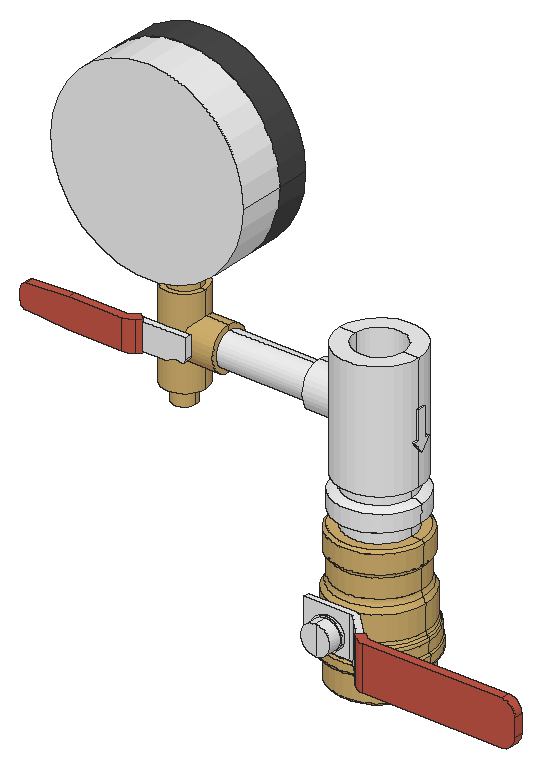
Revit family "Fire-Products_Sprinkler-Systems_YAMATO-PROTEC_YMT2", category スプリンクラ, Revit 2018
Family settings
  注釈の向きを維持 = いいえ
  丸型コネクタ寸法 = 直径を使用
  パーツ タイプ = 標準
  OmniClass 番号 = 23.65.70.17.14
  OmniClass タイトル = Water Fire Fighting Terminals
  作業面ベース = いいえ
  常に垂直 = はい
  ロード時にボイドで切り取り = はい
  共有 = いいえ
  部屋計算ポイント = いいえ
Parameters (values of type "YMT2")
  質量 = 15.00 kg
  説明 = "末端試験装置 YMT2"
  記号 [instance] = ""
  製造元 = "ヤマトプロテック株式会社"
  製品出荷対象 = ""
  製品リリース年月 = "2010年3月"
  製品グループ = ""
  系統 [instance] = ""
  符号 = ""
  積算_科目 = "9 消火設備"
  積算_拾い区分 [instance] = ""
  特殊仕様 [instance] = ""
  法定耐用年数 = ""
  最高使用圧力 = "1.4 MPa"
  形式 = ""
  呼称 = "末端試験装置"
  吐水量 [instance] = 0.0 L/s
  参照している仕様書等のバージョン = ""
  分類コード = "50903001200000"
  分類グループ = ""
  出口径 [instance] = 入口径  # 25 mm
  入口径 = 25.00 mm
  企業コード = "580077214"
  付属品 [instance] = ""
  仕様書バージョン = "Version1.0"
  モデル = "YMT2"
  Type Comments = ""
  コメント [instance] = ""
  Width = 282 mm
  Version = ""
  Uniclass2015Version = "Systems v1.9"
  Uniclass2015Title = "Drain and test valves"
  Uniclass2015Code = "Pr_65_54_30_23"
  URL = "https://www.yamatoprotec.co.jp/"
  SpecificationReference = ""
  SpecificationDescription = ""
  Revision = ""
  ProductInformation = "https://www.yamatoprotec.co.jp/products/syokasetsubi/YMT2/45170/"
  Product data url = ""
  OmniClassCode = "23-29 25 11 13"
  IfcTypeProduct = ""
  IfcProduct = ""
  IfcExportType = "SPRINKLER"
  IfcExportAs = "IfcFireSuppressionTerminalType"
  Height = 156 mm
  Depth = 74 mm
  Author = "BIMobject Japan"
Reference planes
  plane 1 "中心(正面/背面)": y = 0
  plane 2: z = 0
  plane 3 "中心(左/右)": x = 0
  plane 4: x = 110
  plane 5: z = 156
  plane 6: y = -50
  plane 7: y = 24.016
  plane 8: x = -171.7
Forms (mm)
  Revolve 1, solid, material "Yamato Protec - Brass"
    sketch origin (0, 0, 0) x (1, 0, 0) y (0, 0, 1)
      loop
        line (-23.15, 70.6) -> (-23.15, 60.931)
        arc (-23.15, 60.931) -> (-22.103, 60.212) -> (-21.7, 59.008) r 2
        line (-21.7, 59.008) -> (-21.7, 48.951)
        arc (-21.7, 48.951) -> (-21.904, 47.398) -> (-22.504, 45.951) r 6
        line (-22.504, 45.951) -> (-24.15, 43.1) -> (-24.15, 30.475)
        arc (-24.15, 30.475) -> (-24.252, 29.699) -> (-24.552, 28.975) r 3
        line (-24.552, 28.975) -> (-25.348, 27.596)
        arc (-25.348, 27.596) -> (-25.648, 26.873) -> (-25.75, 26.096) r 3
        line (-25.75, 26.096) -> (-25.75, 21.099) -> (-26.5, 19.8) -> (-26.5, 15.8)
        arc (-26.5, 15.8) -> (-26.207, 15.093) -> (-25.5, 14.8) r 1
        line (-25.5, 14.8) -> (-23.15, 14.8) -> (-23.15, 1.4) -> (-21.75, 0) -> (0, 0) -> (0, 72) -> (-21.75, 72) -> (-23.15, 70.6)
      axis (0, 72) -> (0, 0)
    angle from 0 to 360
  Revolve 2, solid, material "Yamato Protec - Aluminum"
    sketch origin (0, 0, 0) x (1, 0, 0) y (0, 0, 1)
      loop
        line (-20.5, 156) -> (-20.5, 96) -> (-16.737, 96) -> (-16.925, 90)
        arc (-16.925, 90) -> (-19.397, 89.491) -> (-21.65, 88.353) r 9.564
        line (-21.65, 88.353) -> (-21.606, 79.671)
        arc (-21.606, 79.671) -> (-19.374, 78.541) -> (-16.926, 78.027) r 9.564
        line (-16.926, 78.027) -> (-16.737, 72) -> (0, 72) -> (0, 156) -> (-20.5, 156)
      axis (0, 156) -> (0, 72)
    angle from 0 to 360
  Revolve 3, solid, material "Yamato Protec - Aluminum"
    sketch origin (0, 0, 0) x (1, 0, 0) y (0, 0, 1)
      loop
        line (-78, 134.65) -> (-78, 126) -> (0, 126) -> (0, 137.5) -> (-31, 137.5) -> (-31, 134.65) -> (-78, 134.65)
      axis (-78, 126) -> (0, 126)
    angle from 0 to 360
  Revolve 4, solid, material "Yamato Protec - Brass"
    sketch origin (0, 0, 0) x (1, 0, 0) y (0, 0, 1)
      loop
        line (-78, 137) -> (-93, 137) -> (-93, 126) -> (-78, 126) -> (-78, 137)
      axis (-78, 126) -> (-93, 126)
    angle from 0 to 360
  Revolve 5, solid, material "Yamato Protec - Brass"
    sketch origin (0, 0, 0) x (1, 0, 0) y (0, 0, 1)
      loop
        line (-112, 149) -> (-112, 103) -> (-106.9, 103) -> (-106.9, 93.921) -> (-101, 93.921) -> (-101, 164.585) -> (-112.345, 164.585) -> (-112.345, 154.585) -> (-109.276, 154.585) -> (-109.276, 149) -> (-112, 149)
      axis (-101, 164.585) -> (-101, 93.921)
    angle from 0 to 360
  Extrusion 6, solid, material "Yamato Protec - Aluminum"
    sketch origin (0, 0, 0) x (1, 0, 0) y (0, 0, 1)
      loop
        circle (-100.945, 210.385) r 50
    from 1.2 to 24.051
  Extrusion 7, solid, material "Yamato Protec - Plastic Black"
    sketch origin (0, 0, 0) x (1, 0, 0) y (0, 0, 1)
      loop
        circle (-100.945, 210.385) r 50
    from 1.2 to -15.5
  Extrusion 8, solid, material "Yamato Protec - Aluminum"
    sketch origin (0, 0, 0) x (1, 0, 0) y (0, 1, 0)
      loop
        arc (15.793, -32.35) -> (13.522, -30.833) -> (10.843, -30.3) r 7
        line (10.843, -30.3) -> (-12.5, -30.3) -> (-12.5, -33.3) -> (10.843, -33.3)
        arc (10.843, -33.3) -> (12.374, -33.604) -> (13.672, -34.472) r 4
        line (13.672, -34.472) -> (24.521, -45.321) -> (26.642, -43.199) -> (15.793, -32.35)
    from 26.9 to 48.4
  Extrusion 9, solid, material "Yamato Protec - Paint Red"
    sketch origin (0, 0, 0) x (1, 0, 0) y (0, 1, 0)
      loop
        line (29.067, -44.635) -> (27.137, -42.705) -> (24.026, -45.816) -> (25.955, -47.745)
        arc (25.955, -47.745) -> (28.453, -49.414) -> (31.399, -50) r 7.7
        line (31.399, -50) -> (110, -50) -> (110, -45.6) -> (31.399, -45.6)
        arc (31.399, -45.6) -> (30.138, -45.349) -> (29.067, -44.635) r 3.3
    from 26.2 to 49.1
  Extrusion 10, void
    sketch origin (0, 0, 0) x (1, 0, 0) y (0, 0, 1)
      loop
        line (110, 42.4) -> (110, 49.1) -> (103.3, 49.1)
        arc (103.3, 49.1) -> (108.038, 47.138) -> (110, 42.4) r 6.7
      loop
        arc (103.3, 26.2) -> (108.038, 28.162) -> (110, 32.9) r 6.7
        line (110, 32.9) -> (110, 26.096) -> (103.3, 26.096)
    from 45.6 to 50
  Revolve 11, solid, material "Yamato Protec - Aluminum"
    sketch origin (0, 0, 0) x (0, 1, 0) y (0, 0, 1)
      loop
        line (-41.4, 35.9) -> (-19.821, 35.9) -> (-19.821, 45.402) -> (-22.31, 43.595)
        arc (-22.31, 43.595) -> (-22.961, 43.155) -> (-23.732, 43) r 2
        line (-23.732, 43) -> (-30.3, 43.11) -> (-30.3, 44.2) -> (-34.9, 44.2) -> (-34.9, 43.4) -> (-41.4, 43.4) -> (-41.4, 35.9)
      axis (-41.4, 35.9) -> (-19.821, 35.9)
    angle from 0 to 360
  Extrusion 12, solid, material "Yamato Protec - Paint Red"
    sketch origin (-87.71, 31.829, 0) x (-1, 0, 0) y (0, -1, 0)
      loop
        arc (29.067, 44.635) -> (30.138, 45.349) -> (31.399, 45.6) r 3.3
        line (31.399, 45.6) -> (83.99, 45.6) -> (83.99, 50) -> (31.399, 50)
        arc (31.399, 50) -> (28.453, 49.414) -> (25.955, 47.745) r 7.7
        line (25.955, 47.745) -> (24.026, 45.816) -> (27.137, 42.705) -> (29.067, 44.635)
    from 118.3 to 133.7
  Extrusion 13, solid, material "Yamato Protec - Aluminum"
    sketch origin (-101.5, 19.224, 0) x (-1, 0, 0) y (0, -1, 0)
      loop
        line (-12.5, 33.3) -> (-12.5, 30.3) -> (10.843, 30.3)
        arc (10.843, 30.3) -> (12.358, 30.466) -> (13.801, 30.956) r 7
        line (13.801, 30.956) -> (13.801, 33.956)
        arc (13.801, 33.956) -> (12.358, 33.466) -> (10.843, 33.3) r 7
        line (10.843, 33.3) -> (-12.5, 33.3)
    from 119 to 133
  Extrusion 14, void
    sketch origin (0, 0, 0) x (1, 0, 0) y (0, 0, 1)
      loop
        line (-168.843, 132.149) -> (-146.686, 133.7) -> (-171.7, 133.7) -> (-171.7, 128.546)
        arc (-171.7, 128.546) -> (-170.899, 130.845) -> (-168.843, 132.149) r 3.7
      loop
        line (-171.7, 123.496) -> (-171.7, 118.3) -> (-146.686, 118.3) -> (-168.267, 119.811)
        arc (-168.267, 119.811) -> (-170.707, 120.979) -> (-171.7, 123.496) r 3.7
      loop
        line (-101, 119) -> (-89, 119) -> (-89, 123)
        arc (-89, 123) -> (-89.586, 121.586) -> (-91, 121) r 2
        line (-91, 121) -> (-95, 121)
        arc (-95, 121) -> (-95.949, 120.846) -> (-96.8, 120.4) r 3
        arc (-96.8, 120.4) -> (-98.786, 119.359) -> (-101, 119) r 7
    from 11.076 to 18.171
  Extrusion 15, solid, material "Yamato Protec - Aluminum"
    sketch origin (0, 0, 0) x (0, 1, 0) y (0, 0, 1)
      loop
        line (0, 112.8) -> (4.488, 118.76) -> (2.089, 118.76) -> (2.089, 133.194) -> (-2.089, 133.194) -> (-2.089, 118.76) -> (-4.488, 118.76) -> (0, 112.8)
    from 0 to 22
  Extrusion 16, void
    sketch origin (0, 0, 0) x (1, 0, 0) y (0, 1, 0)
      loop
        circle (0, 0) r 12.5
    from 0 to 156
Cuts and joins
  Extrusion 10 cuts Extrusion 9
  Extrusion 14 cuts Revolve 4
  Extrusion 14 cuts Extrusion 12
  Extrusion 14 cuts Extrusion 13
  Extrusion 16 cuts Revolve 1
  Extrusion 16 cuts Revolve 2
  Extrusion 16 cuts Revolve 3
  Extrusion 16 cuts Extrusion 15
Dimensions and locks
  plane 4 to plane 3 "中心(左/右)" = 110 mm
  plane 6 to plane 7 = 74.016 mm
  plane 5 to level = 156 mm
  plane 4 to plane 8 = 281.7 mm
  aligned and locked: level to plane 2
Connectors
  piping at (0, 0, 156), diameter 25, driven by "入口径", driven by "吐水量"
    settings: on Revolve 2, index 1, connector inside diameter 609.6 mm, connector length 0 mm, flow factor 0, pipe flow 0.0 L/s, pressure drop 0.0 Pa, fitting loss kfactor 0, connector angle 0.00°, fixture units 0, engagement length 0 mm, angle of deflection 0.00°, flow configuration 0, flow direction 1, fitting loss method 0, system type 23, joint type 0, gender type 0, connector reference index -1, connector utility 0, adjustable connector no, is connector primary yes, connector description "In"
  piping at (0, 0, 0), diameter 25, driven by "出口径", driven by "吐水量"
    settings: on Revolve 1, index 2, connector inside diameter 609.6 mm, connector length 0 mm, flow factor 0, pipe flow 0.0 L/s, pressure drop 0.0 Pa, fitting loss kfactor 0, connector angle 0.00°, fixture units 0, engagement length 0 mm, angle of deflection 0.00°, flow configuration 0, flow direction 2, fitting loss method 0, system type 23, joint type 0, gender type 0, connector reference index -1, connector utility 0, adjustable connector no, is connector primary no, connector description "Out"
